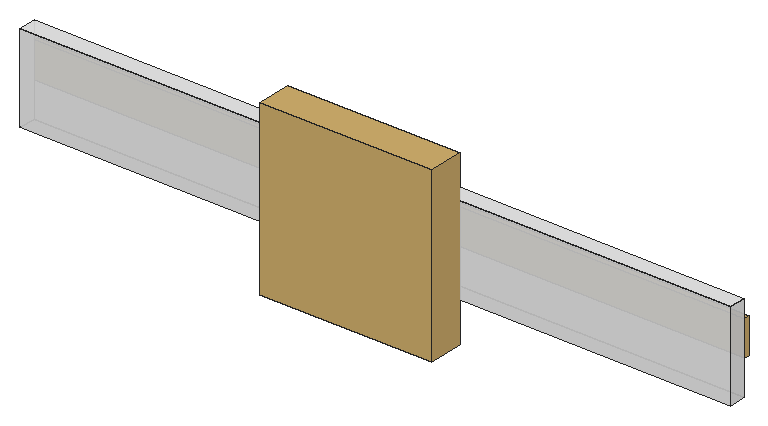
Revit family "3-5004-xx Antares Vanity", category Luminarias, Revit 2021
Family settings
  Anfitrión = Muro
  Cota de conector redondo = Diámetro de uso
  Tipo de pieza = Normal
  Número OmniClass = 23.80.70.00
  Título OmniClass = Lighting
  Siempre vertical = Sí
  Corte con vacíos al cargar = No
  Origen de luz = Sí
  Compartido = No
  Punto de cálculo de habitación = No
Parameters (values of type "3-5004-40 / Aged Brass - Matte White Acrylic")
  Ángulo de inclinación = 90.00°
  Elevación por defecto = 0.00"
  Comentarios de vataje = "1 x 15.8 W at 120 V"  # constant formula
  Wattage = 15.8 W
  built-in parameter 1150110 = 1 (stored number, unit not read)
  Voltage Input = "120 V or 277 V - 50/60 Hz"  # constant formula
  Voltage = 120 V
  URL = "www.oxygenlighting.com"
  built-in parameter 1114217 = 1 (stored number, unit not read)
  built-in parameter 1150109 = 1 (stored number, unit not read)
  built-in parameter 1150134 = (empty or 0)
  built-in parameter 1150113 = 1 (stored number, unit not read)
  References = "Ref. 3 = 120 V / Ref. 37 = 277 V"  # constant formula
  Modelo = "3-5004-xx / Antares Vanity"  # constant formula
  Metal Finish = 40 - Aged Brass
  Fabricante = "Oxygen Lighting and Fans"  # constant formula
  Lumens = 1203.96 lm
  built-in parameter 1150115 = 1 (stored number, unit not read)
  built-in parameter 1150105 = 95.808 (stored number, unit not read)
  built-in parameter 1150137 = (empty or 0)
  built-in parameter 1150139 = (empty or 0)
  built-in parameter 1150112 = 1 (stored number, unit not read)
  built-in parameter 1150114 = 1 (stored number, unit not read)
  Lámpara = "LED Array"  # constant formula
  built-in parameter 1150132 = (empty or 0)
  built-in parameter 1150102 = (empty or 0)
  built-in parameter 1150138 = (empty or 0)
  built-in parameter 1150107 = 3000 (stored number, unit not read)
  built-in parameter 1150106 = 0.95808 (stored number, unit not read)
  Height = 16.00"
  built-in parameter 1150104 = 7.0792 (stored number, unit not read)
  Cambio de temperatura de color de luz atenuada = <Ninguno>
  Diffusers = Matte White Acrylic
  Color Filter = 16777215
  built-in parameter 1114218 = 1 (stored number, unit not read)
  Archivo de red fotométrica = "3-5004-40 Antares 24 Vanity.ies"
  built-in parameter 1150133 = 10 (stored number, unit not read)
Types (2): name | Metal Finish
  3-5004-15 / Black - Matte White Acrylic | 15 - Black
  3-5004-40 / Aged Brass - Matte White Acrylic | 40 - Aged Brass
Reference planes (in)
  plane 1: y = 0
  plane 2 "Light Source Axis (L/R)": x = 4.92126
  plane 3 "Light Source Axis (F/R)": y = 4.33071
  plane 4 "Light Source Elevation": z = 52.56114
  plane 5: y = 2.95276
Text (in)
  text "Placement side" at (-70.3598, 43.96769, 0), in view "Ref. Level"
  text "Placement side" at (0, 83.08644, 117.56134), in view "Left"
  text "Placement side" at (0, 24.74324, 118.58137), in view "Right"
Dimensions and locks (in)
  locked: plane 3 "Light Source Axis (F/R)" to plane 5 at 1.37795
  aligned and locked: plane 1 to host wall
  aligned and locked: plane 5 to host wall
  aligned and locked: plane 5 to nested 1
  aligned and locked: plane 4 "Light Source Elevation" to imposter light
  aligned and locked: nested 1 to plane 2 "Light Source Axis (L/R)"
  aligned and locked: nested 1 to plane 4 "Light Source Elevation"
Nested families (in)
  nested 1: "Family2" at (4.92126, 2.95276, 52.96548) x (-1, 0, 0) z (0, 0, 1), type "Family2"
Connectors (in)
  electrical at (4.92126, 2.95276, 52.96548)
    settings: on nested 1, index 1, voltage 0 V, apparent load 0 VA, apparent load phase1 0 VA, apparent load phase2 0 VA, apparent load phase3 0 VA, power factor 1, load classification "Otro", number of poles 1, system type 31, power factor state 1, is connector primary yes, connector utility no, sub classification motor no, connector description ""
Definition of nested family "Family2"
  Parameters (values of type "Family2")
    Metal Finish 2 = none
    Metal Finish 1 = none
    Met = none
    Height = 16.00"
    Default Elevation = 0.00"
    Diffuser = none
  Reference planes (in)
    plane 1 "Center (Front/Back)": y = 0
    plane 2: z = 0
    plane 3 "Center (Left/Right)": x = 0
  Forms (in)
    Extrusion 1, solid, material <- "Metal Finish 1"
      sketch origin (0, 0, 0) x (0, 1, 0) y (0, 0, 1)
        loop
          line (-1.1811, 2.9) -> (-1.1811, -2.9) -> (0, -2.9) -> (0, 2.9) -> (-1.1811, 2.9)
      from -2.90031 to 2.90031
    Extrusion 2, solid, material <- "Diffuser"
      sketch origin (0, 0, 0) x (1, 0, 0) y (0, 1, 0)
        loop
          line (-12, -1.23937) -> (-12, -1.83873) -> (12, -1.83873) -> (12, -1.23937) -> (-12, -1.23937)
      from -1.59968 to 1.40052
    Extrusion 3, solid, material <- "Metal Finish 1"
      sketch origin (0, 0, 0) x (1, 0, 0) y (0, 1, 0)
        loop
          line (12, -1.99788) -> (12, -1.83873) -> (-12, -1.83873) -> (-12, -1.99788) -> (12, -1.99788)
      from -0.40434 to 0.79777
  Dimensions and locks (in)
    aligned and locked: level to plane 2
